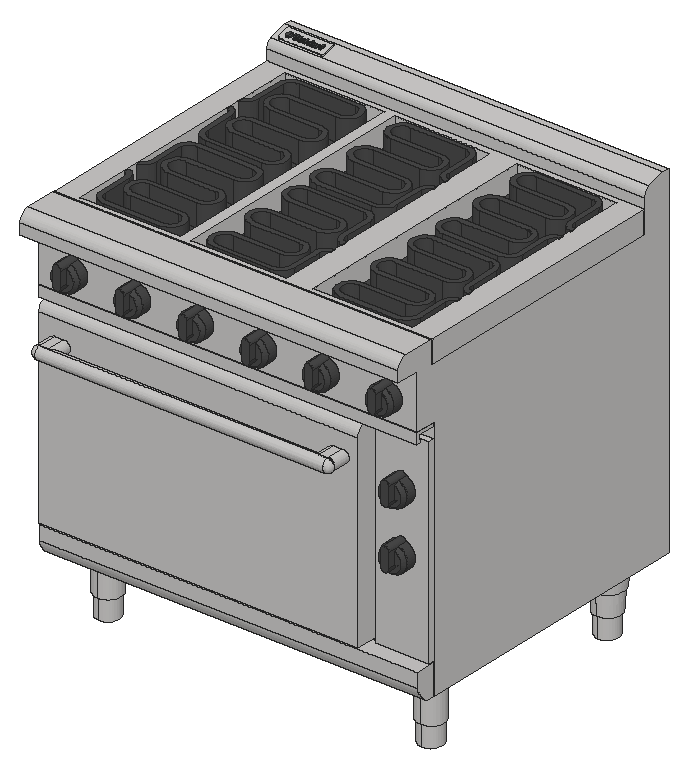
Revit family "QF_MOFFAT WALDORF_RNL8610EC", category Specialty Equipment, Revit 2012 (continued)
Automatic sketch dimensions
  curve 96 to curve 98 = 7 mm
  plane 17 to curve 100 = 9.738 mm
  curve 98 to curve 100 = 20 mm
  curve 111 to curve 111 = 25.191 mm
  curve 99 to curve 102 = 7 mm
  curve 126 to plane 16 = 74.5 mm
  curve 102 to curve 103 = 20 mm
  curve 202 to plane 16 = 57.363 mm
  curve 218 to plane 16 = 57.363 mm
  plane 12 to curve 205 = 14.572 mm
  curve 205 to plane 16 = 57.363 mm
  curve 223 to plane 16 = 57.363 mm
  curve 197 to plane 16 = 37.344 mm
  curve 208 to plane 16 = 37.344 mm
  curve 215 to curve 208 = 0 mm
  curve 225 to plane 16 = 37.344 mm
  plane 13 to curve 209 = 18.176 mm
  curve 209 to curve 209 = 0.98 mm
  curve 197 to curve 197 = 0.98 mm
  curve 214 to curve 214 = 0.98 mm
  curve 225 to curve 226 = 0.98 mm
  curve 213 to plane 16 = 10.663 mm
  curve 209 to plane 16 = 10.663 mm
  curve 197 to plane 16 = 10.663 mm
  curve 228 to plane 16 = 10.663 mm
  plane 16 to curve 113 = 11.5 mm
  plane 16 to curve 212 = 16.122 mm
  plane 16 to curve 195 = 16.122 mm
  plane 16 to curve 211 = 16.304 mm
  curve 228 to plane 10 = 7.944 mm
  plane 16 to curve 228 = 16.304 mm
  curve 124 to curve 110 = 399.303 mm
  curve 109 to curve 106 = 76.143 mm
  curve 106 to curve 107 = 3.3 mm
  curve 112 to plane 5 "FRONT" = 111.585 mm
  curve 107 to curve 122 = 12.285 mm
  curve 117 to curve 112 = 0 mm
  curve 112 to curve 225 = 15.915 mm
  curve 117 to curve 192 = 15.915 mm
  curve 121 to curve 158 = 15.915 mm
  curve 225 to curve 226 = 24.666 mm
  curve 157 to curve 159 = 24.666 mm
  curve 191 to curve 193 = 24.666 mm
  curve 225 to curve 224 = 26.7 mm
  curve 157 to curve 156 = 26.7 mm
  curve 191 to curve 190 = 26.7 mm
  curve 222 to plane 10 = 21.128 mm
  curve 188 to plane 10 = 21.128 mm
  curve 160 to plane 10 = 7.944 mm
  curve 194 to plane 10 = 7.363 mm
  curve 228 to plane 10 = 7.363 mm
  curve 160 to plane 10 = 7.363 mm
  curve 187 to curve 186 = 26.7 mm
  curve 153 to curve 152 = 26.7 mm
  curve 160 to curve 144 = 31.439 mm
  curve 228 to curve 212 = 31.443 mm
  curve 194 to curve 178 = 31.443 mm
  curve 178 to curve 179 = 25.867 mm
  curve 212 to curve 212 = 25.867 mm
  curve 144 to curve 144 = 25.867 mm
  curve 184 to curve 184 = 28.7 mm
  curve 219 to curve 218 = 28.7 mm
  curve 150 to curve 150 = 28.7 mm
  curve 214 to curve 214 = 25.704 mm
  curve 180 to curve 180 = 25.704 mm
  plane 13 to curve 141 = 17.138 mm
  curve 208 to curve 207 = 26.7 mm
  plane 12 to curve 171 = 14.572 mm
  plane 12 to curve 211 = 27.756 mm
  plane 12 to curve 143 = 27.756 mm
  curve 177 to curve 177 = 0.581 mm
  curve 143 to curve 142 = 0.581 mm
  curve 211 to curve 210 = 0.581 mm
  curve 203 to curve 203 = 26.7 mm
  curve 135 to curve 135 = 26.7 mm
  curve 169 to curve 169 = 26.7 mm
  curve 143 to curve 127 = 31.439 mm
  curve 177 to curve 161 = 31.443 mm
  curve 211 to curve 195 = 31.443 mm
  curve 195 to curve 196 = 25.867 mm
  curve 161 to curve 161 = 25.867 mm
  curve 127 to curve 127 = 25.867 mm
  curve 167 to curve 167 = 28.7 mm
  curve 202 to curve 201 = 28.7 mm
  curve 133 to curve 133 = 28.7 mm
  curve 200 to curve 199 = 26.7 mm
  curve 165 to curve 165 = 26.7 mm
  curve 131 to curve 131 = 26.7 mm
  curve 129 to curve 129 = 25.704 mm
  curve 197 to curve 197 = 25.704 mm
  curve 163 to curve 164 = 25.704 mm
  curve 165 to curve 116 = 12.216 mm
  curve 196 to curve 115 = 36.882 mm
  curve 123 to curve 116 = 0 mm
  curve 108 to curve 5 = 21.5 mm
  curve 108 to curve 4 = 2.734 mm
  curve 47 to plane 17 = 18.526 mm
  curve 88 to plane 17 = 18.526 mm
  curve 104 to plane 17 = 18.526 mm
  curve 7 to curve 9 = 0.709 mm
  curve 84 to curve 86 = 0 mm
  curve 10 to curve 13 = 0 mm
  curve 80 to curve 82 = 0 mm
  curve 14 to curve 17 = 0 mm
  curve 76 to curve 78 = 0 mm
  curve 18 to curve 21 = 0 mm
  curve 87 to curve 90 = 0 mm
  curve 22 to curve 26 = 0 mm
  curve 91 to curve 94 = 0 mm
  curve 27 to curve 30 = 0 mm
  curve 72 to curve 74 = 0 mm
  curve 31 to curve 34 = 0 mm
  curve 68 to curve 70 = 0 mm
  curve 64 to curve 66 = 0 mm
  curve 100 to curve 102 = 0 mm  (x2)
  curve 60 to curve 62 = 0 mm  (x2)
  curve 35 to curve 38 = 0 mm
  curve 56 to curve 58 = 0 mm
  curve 39 to curve 42 = 0 mm
  curve 52 to curve 54 = 0 mm  (x2)
  curve 40 to curve 45 = 0 mm
  plane 17 to curve 37 = 9.738 mm
  curve 28 to curve 33 = 0 mm
  curve 84 to curve 89 = 0 mm
  plane 17 to curve 20 = 9.738 mm
  curve 11 to curve 16 = 0 mm
  plane 17 to curve 6 = 11.042 mm
  Extrusion 1 sketch curve to plane 5 "FRONT" = 0 mm
  Extrusion 1 sketch curve to plane 6 "TOP" = 0 mm
  Extrusion 1 sketch curve to plane 1 "BACK" = 0 mm
  Extrusion 1 sketch curve to plane 5 "FRONT" = 24 mm
  Extrusion 1 sketch curve to plane 5 "FRONT" = 56 mm
  Extrusion 1 sketch curve to Extrusion 1 sketch curve = 0 mm
  Extrusion 1 sketch curve to plane 5 "FRONT" = 58.27 mm
  Extrusion 1 sketch curve to Extrusion 1 sketch curve = 6.387 mm
  Extrusion 1 sketch curve to Extrusion 1 sketch curve = 8.776 mm
  Extrusion 1 sketch curve to Extrusion 1 sketch curve = 40 mm
  Extrusion 1 sketch curve to Extrusion 1 sketch curve = 43.174 mm
  Extrusion 1 sketch curve to Extrusion 1 sketch curve = 2.626 mm
  Extrusion 1 sketch curve to Extrusion 1 sketch curve = 41.683 mm
  Extrusion 1 sketch curve to Extrusion 1 sketch curve = 4.2 mm  (x2)
  Extrusion 1 sketch curve to plane 17 = 38 mm
  Extrusion 1 sketch curve to plane 6 "TOP" = 11.31 mm
  Extrusion 1 sketch curve to Extrusion 1 sketch curve = 11.291 mm
  Extrusion 1 sketch curve to plane 17 = 15.418 mm
  plane 17 to Extrusion 1 sketch curve = 15.5 mm
  plane 18 to Extrusion 1 sketch curve = 81.219 mm
  Extrusion 1 sketch curve to Extrusion 1 sketch curve = 2.216 mm
  Extrusion 1 sketch curve to Extrusion 1 sketch curve = 7.004 mm
  Extrusion 1 sketch curve to Extrusion 1 sketch curve = 16.999 mm
  level to Extrusion 1 sketch curve = 222.5 mm
  Extrusion 1 sketch curve to Extrusion 1 sketch curve = 28.982 mm
  Extrusion 1 sketch curve to Extrusion 1 sketch curve = 34.5 mm
  Extrusion 1 sketch curve to Extrusion 1 sketch curve = 0.071 mm
  Extrusion 1 to Split face 1 sketch curve = 1.962 mm
  Split face 1 sketch curve to Extrusion 1 = 14.14 mm
  Split face 1 sketch curve to Extrusion 1 = 129.583 mm
  Split face 1 sketch curve to Split face 1 sketch curve = 20 mm
  Extrusion 1 to Split face 2 sketch curve = 1.962 mm
  Split face 2 sketch curve to Extrusion 1 = 14.14 mm
  Split face 2 sketch curve to Extrusion 1 = 156.5 mm
  Split face 2 sketch curve to Split face 2 sketch curve = 20 mm
  Extrusion 1 to Split face 3 sketch curve = 1.962 mm
  Split face 3 sketch curve to Extrusion 1 = 14.14 mm
  Split face 3 sketch curve to Extrusion 1 = 183.5 mm
  Split face 3 sketch curve to Split face 3 sketch curve = 20 mm
  Extrusion 1 to Split face 4 sketch curve = 1.962 mm
  Split face 4 sketch curve to Extrusion 1 = 14.14 mm
  Split face 4 sketch curve to Extrusion 1 = 210.5 mm
  Split face 4 sketch curve to Split face 4 sketch curve = 20 mm
  Extrusion 1 to Split face 5 sketch curve = 1.962 mm
  Split face 5 sketch curve to Extrusion 1 = 14.14 mm
  Split face 5 sketch curve to Extrusion 1 = 237.5 mm
  Split face 5 sketch curve to Split face 5 sketch curve = 20 mm
  Extrusion 1 to Split face 6 sketch curve = 1.962 mm
  Split face 6 sketch curve to Extrusion 1 = 14.14 mm
  Split face 6 sketch curve to Extrusion 1 = 264.5 mm
  Split face 6 sketch curve to Split face 6 sketch curve = 20 mm
  Extrusion 1 to Split face 7 sketch curve = 1.962 mm
  Split face 7 sketch curve to Extrusion 1 = 14.14 mm
  Split face 7 sketch curve to Extrusion 1 = 291.5 mm
  Split face 7 sketch curve to Split face 7 sketch curve = 20 mm
  Extrusion 1 to Split face 8 sketch curve = 1.962 mm
  Split face 8 sketch curve to Extrusion 1 = 14.14 mm
  Split face 8 sketch curve to Extrusion 1 = 281.5 mm
  Split face 8 sketch curve to Split face 8 sketch curve = 20 mm
  Extrusion 1 to Split face 9 sketch curve = 1.962 mm
  Split face 9 sketch curve to Extrusion 1 = 14.14 mm
  Split face 9 sketch curve to Extrusion 1 = 254.5 mm
  Split face 9 sketch curve to Split face 9 sketch curve = 20 mm
  Extrusion 1 to Split face 10 sketch curve = 1.962 mm
  Split face 10 sketch curve to Extrusion 1 = 14.14 mm
  Split face 10 sketch curve to Extrusion 1 = 227.5 mm
  Split face 10 sketch curve to Split face 10 sketch curve = 20 mm
  Extrusion 1 to Split face 11 sketch curve = 1.962 mm
  Split face 11 sketch curve to Extrusion 1 = 14.14 mm
  Split face 11 sketch curve to Extrusion 1 = 200.5 mm
  Split face 11 sketch curve to Split face 11 sketch curve = 20 mm
  Extrusion 1 to Split face 12 sketch curve = 1.962 mm
  Split face 12 sketch curve to Extrusion 1 = 14.14 mm
  Split face 12 sketch curve to Extrusion 1 = 173.5 mm
  Split face 12 sketch curve to Split face 12 sketch curve = 20 mm
  Extrusion 1 to Split face 13 sketch curve = 1.962 mm
  Split face 13 sketch curve to Extrusion 1 = 14.14 mm
  Split face 13 sketch curve to Extrusion 1 = 146.5 mm
  Split face 13 sketch curve to Split face 13 sketch curve = 20 mm
  plane 18 to Extrusion 2 sketch curve = 21 mm
  Extrusion 2 sketch curve to plane 5 "FRONT" = 56 mm
  Extrusion 2 sketch curve to Extrusion 2 sketch curve = 24 mm
  Extrusion 2 sketch curve to Extrusion 2 sketch curve = 50 mm
  level to Extrusion 2 sketch curve = 227.5 mm
  Extrusion 3 sketch curve to Extrusion 3 sketch curve = 15 mm
  level to Extrusion 3 sketch curve = 227.5 mm
  Extrusion 1 to Split face 14 sketch curve = 1.962 mm
  Split face 14 sketch curve to Extrusion 1 = 14.14 mm
  Split face 14 sketch curve to Extrusion 1 = 320.812 mm
  Split face 14 sketch curve to Split face 14 sketch curve = 20 mm
  Extrusion 1 to Split face 15 sketch curve = 1.962 mm
  Split face 15 sketch curve to Extrusion 1 = 14.14 mm
  Split face 15 sketch curve to Extrusion 1 = 350.039 mm
  Split face 15 sketch curve to Split face 15 sketch curve = 20 mm
  Extrusion 1 to Split face 16 sketch curve = 1.962 mm
  Split face 16 sketch curve to Extrusion 1 = 14.14 mm
  Split face 16 sketch curve to Extrusion 1 = 377.038 mm
  Split face 16 sketch curve to Split face 16 sketch curve = 20 mm
  Extrusion 1 to Split face 17 sketch curve = 1.962 mm
  Split face 17 sketch curve to Extrusion 1 = 14.14 mm
  Split face 17 sketch curve to Extrusion 1 = 402.514 mm
  Split face 17 sketch curve to Split face 17 sketch curve = 20 mm
  Extrusion 1 to Split face 18 sketch curve = 1.962 mm
  Split face 18 sketch curve to Extrusion 1 = 14.14 mm
  Split face 18 sketch curve to Extrusion 1 = 428.962 mm
  Split face 18 sketch curve to Split face 18 sketch curve = 20 mm
  Extrusion 1 to Split face 19 sketch curve = 1.962 mm
  Split face 19 sketch curve to Extrusion 1 = 14.14 mm
  Split face 19 sketch curve to Extrusion 1 = 444.954 mm
  Split face 19 sketch curve to Split face 19 sketch curve = 20 mm
  Extrusion 1 to Split face 20 sketch curve = 1.962 mm
  Split face 20 sketch curve to Extrusion 1 = 14.14 mm
  Split face 20 sketch curve to Extrusion 1 = 419.057 mm
  Split face 20 sketch curve to Split face 20 sketch curve = 20 mm
  Extrusion 1 to Split face 21 sketch curve = 1.962 mm
  Split face 21 sketch curve to Extrusion 1 = 14.14 mm
  Split face 21 sketch curve to Extrusion 1 = 392.609 mm
  Split face 21 sketch curve to Split face 21 sketch curve = 20 mm
  Extrusion 1 to Split face 22 sketch curve = 1.962 mm
  Split face 22 sketch curve to Extrusion 1 = 14.14 mm
  Split face 22 sketch curve to Extrusion 1 = 362.304 mm
  Split face 22 sketch curve to Split face 22 sketch curve = 20 mm
  Extrusion 1 to Split face 23 sketch curve = 1.962 mm
  Split face 23 sketch curve to Extrusion 1 = 14.14 mm
  Split face 23 sketch curve to Extrusion 1 = 334.203 mm
  Split face 23 sketch curve to Split face 23 sketch curve = 20 mm
  Extrusion 1 to Split face 24 sketch curve = 1.962 mm
  Split face 24 sketch curve to Extrusion 1 = 14.14 mm
  Split face 24 sketch curve to Extrusion 1 = 308.857 mm
  Split face 24 sketch curve to Split face 24 sketch curve = 20 mm
  Revolve 4 sketch curve to level = 0 mm
  Revolve 4 sketch curve to plane 17 = 110.753 mm
  Revolve 4 sketch curve to Revolve 4 sketch curve = 4.159 mm
  Revolve 4 sketch curve to Revolve 4 sketch curve = 5.012 mm
  Revolve 4 sketch curve to Revolve 4 sketch curve = 1.832 mm
  Revolve 4 sketch curve to Revolve 4 sketch curve = 4.25 mm
  Revolve 4 sketch curve to Revolve 4 sketch curve = 42.753 mm
  Revolve 4 sketch curve to Revolve 4 sketch curve = 0 mm  (x2)
  level to Revolve 4 sketch curve = 50 mm
  Revolve 4 sketch curve to Revolve 4 sketch curve = 52.468 mm
  Revolve 4 sketch curve to Revolve 4 sketch curve = 47.532 mm
  Revolve 4 sketch curve to Revolve 4 sketch curve = 55 mm
  Revolve 5 sketch curve to level = 0 mm
  Revolve 5 sketch curve to plane 10 = 82.478 mm
  Revolve 5 sketch curve to Revolve 5 sketch curve = 4.25 mm
  Revolve 5 sketch curve to Revolve 5 sketch curve = 27.5 mm  (x2)
  level to Revolve 5 sketch curve = 50 mm
  Revolve 5 sketch curve to Revolve 5 sketch curve = 0 mm
  Revolve 5 sketch curve to Revolve 5 sketch curve = 100 mm
  Revolve 5 sketch curve to Revolve 5 sketch curve = 55 mm
  Revolve 6 sketch curve to level = 0 mm
  Revolve 6 sketch curve to plane 17 = 110.753 mm
  Revolve 6 sketch curve to Revolve 6 sketch curve = 0 mm  (x3)
  Revolve 6 sketch curve to Revolve 6 sketch curve = 4.159 mm
  Revolve 6 sketch curve to Revolve 6 sketch curve = 5.012 mm
  Revolve 6 sketch curve to Revolve 6 sketch curve = 1.832 mm
  Revolve 6 sketch curve to Revolve 6 sketch curve = 4.25 mm
  Revolve 6 sketch curve to Revolve 6 sketch curve = 42.753 mm
  Revolve 6 sketch curve to level = 55 mm
  Revolve 6 sketch curve to Revolve 6 sketch curve = 50 mm
  Revolve 6 sketch curve to Revolve 6 sketch curve = 52.468 mm
  Revolve 6 sketch curve to Revolve 6 sketch curve = 47.532 mm
  Revolve 7 sketch curve to level = 0 mm
  Revolve 7 sketch curve to plane 10 = 82.478 mm
  Revolve 7 sketch curve to Revolve 7 sketch curve = 4.25 mm
  Revolve 7 sketch curve to Revolve 7 sketch curve = 27.5 mm  (x2)
  Revolve 7 sketch curve to level = 55 mm
  Revolve 7 sketch curve to Revolve 7 sketch curve = 50 mm
  Revolve 7 sketch curve to Revolve 7 sketch curve = 0 mm
  Revolve 7 sketch curve to Revolve 7 sketch curve = 100 mm
  Extrusion 8 sketch curve to plane 4 "RIGHT" = 0 mm
  plane 3 "LEFT" to Extrusion 8 sketch curve = 4 mm
  Extrusion 8 sketch curve to plane 17 = 39 mm
  Extrusion 8 sketch curve to Extrusion 8 sketch curve = 3 mm  (x2)
  plane 16 to Extrusion 8 sketch curve = 11.5 mm
  Extrusion 8 sketch curve to Extrusion 8 sketch curve = 11.284 mm
  plane 9 to Extrusion 8 sketch curve = 13.3 mm
  Extrusion 8 sketch curve to plane 17 = 53.284 mm
  Extrusion 8 sketch curve to Extrusion 8 sketch curve = 0 mm  (x2)
  Extrusion 8 sketch curve to plane 11 = 6 mm
  Extrusion 8 sketch curve to plane 5 "FRONT" = 111.585 mm  (x2)
  Extrusion 8 sketch curve to Extrusion 8 sketch curve = 7.585 mm  (x2)
  Extrusion 8 sketch curve to Extrusion 8 sketch curve = 23.4 mm
  plane 7 "Center Y" to Extrusion 8 sketch curve = 96 mm
  Extrusion 8 sketch curve to Extrusion 8 sketch curve = 60.7 mm
  Revolve 9 sketch curve to plane 5 "FRONT" = 12 mm
  Revolve 9 sketch curve to Revolve 9 sketch curve = 0 mm  (x2)
  Revolve 9 sketch curve to Revolve 9 sketch curve = 11 mm
  Revolve 9 sketch curve to Revolve 9 sketch curve = 12.7 mm
  Revolve 9 sketch curve to Revolve 9 sketch curve = 23 mm
  Revolve 9 sketch curve to Revolve 9 sketch curve = 10 mm
  plane 18 to Revolve 9 sketch curve = 141.882 mm
  Revolve 9 sketch curve to Revolve 9 sketch curve = 5 mm
  Revolve 9 sketch curve to Revolve 9 sketch curve = 26.651 mm
  Revolve 9 sketch curve to Revolve 9 sketch curve = 5.849 mm
  Revolve 10 sketch curve to plane 5 "FRONT" = 12 mm
  Revolve 10 sketch curve to Revolve 10 sketch curve = 0 mm  (x2)
  Revolve 10 sketch curve to Revolve 10 sketch curve = 11 mm
  Revolve 10 sketch curve to Revolve 10 sketch curve = 12.7 mm
  Revolve 10 sketch curve to Revolve 10 sketch curve = 23 mm
  Revolve 10 sketch curve to Revolve 10 sketch curve = 10 mm
  plane 18 to Revolve 10 sketch curve = 141.882 mm
  Revolve 10 sketch curve to Revolve 10 sketch curve = 5 mm
  Revolve 10 sketch curve to Revolve 10 sketch curve = 26.651 mm
  Revolve 10 sketch curve to Revolve 10 sketch curve = 5.849 mm
  Revolve 11 sketch curve to plane 5 "FRONT" = 12 mm
  Revolve 11 sketch curve to Revolve 11 sketch curve = 0 mm  (x2)
  Revolve 11 sketch curve to Revolve 11 sketch curve = 11 mm
  Revolve 11 sketch curve to Revolve 11 sketch curve = 12.7 mm
  Revolve 11 sketch curve to Revolve 11 sketch curve = 23 mm
  Revolve 11 sketch curve to Revolve 11 sketch curve = 10 mm
  Revolve 11 sketch curve to plane 6 "TOP" = 140.618 mm
  Revolve 11 sketch curve to Revolve 11 sketch curve = 5.849 mm
  Revolve 11 sketch curve to Revolve 11 sketch curve = 27.5 mm
  Revolve 11 sketch curve to Revolve 11 sketch curve = 5 mm
  Revolve 12 sketch curve to plane 5 "FRONT" = 12 mm
  Revolve 12 sketch curve to Revolve 12 sketch curve = 0 mm  (x2)
  Revolve 12 sketch curve to Revolve 12 sketch curve = 11 mm
  Revolve 12 sketch curve to Revolve 12 sketch curve = 12.7 mm
  Revolve 12 sketch curve to Revolve 12 sketch curve = 23 mm
  Revolve 12 sketch curve to Revolve 12 sketch curve = 10 mm
  Revolve 12 sketch curve to plane 6 "TOP" = 140.618 mm
  Revolve 12 sketch curve to Revolve 12 sketch curve = 5.849 mm
  Revolve 12 sketch curve to Revolve 12 sketch curve = 27.5 mm
  Revolve 12 sketch curve to Revolve 12 sketch curve = 5 mm
  Revolve 13 sketch curve to plane 5 "FRONT" = 12 mm
  Revolve 13 sketch curve to Revolve 13 sketch curve = 0 mm  (x2)
  Revolve 13 sketch curve to Revolve 13 sketch curve = 11 mm
  Revolve 13 sketch curve to Revolve 13 sketch curve = 12.7 mm
  Revolve 13 sketch curve to Revolve 13 sketch curve = 23 mm
  Revolve 13 sketch curve to Revolve 13 sketch curve = 10 mm
  Revolve 13 sketch curve to plane 6 "TOP" = 140.618 mm
  Revolve 13 sketch curve to Revolve 13 sketch curve = 5.849 mm
  Revolve 13 sketch curve to Revolve 13 sketch curve = 27.5 mm
  Revolve 13 sketch curve to Revolve 13 sketch curve = 5 mm
  Revolve 14 sketch curve to plane 5 "FRONT" = 12 mm
  Revolve 14 sketch curve to Revolve 14 sketch curve = 0 mm  (x2)
  Revolve 14 sketch curve to Revolve 14 sketch curve = 11 mm
  Revolve 14 sketch curve to Revolve 14 sketch curve = 12.7 mm
  Revolve 14 sketch curve to Revolve 14 sketch curve = 23 mm
  Revolve 14 sketch curve to Revolve 14 sketch curve = 10 mm
  Revolve 14 sketch curve to plane 6 "TOP" = 140.618 mm
  Revolve 14 sketch curve to Revolve 14 sketch curve = 5.849 mm
  Revolve 14 sketch curve to Revolve 14 sketch curve = 27.5 mm
  Revolve 14 sketch curve to Revolve 14 sketch curve = 5 mm
  plane 14 to Extrusion 15 sketch curve = 26.156 mm
  Extrusion 15 sketch curve to Extrusion 15 sketch curve = 10 mm
  Extrusion 15 sketch curve to plane 6 "TOP" = 146.118 mm
  Extrusion 15 sketch curve to Extrusion 15 sketch curve = 35 mm
  Extrusion 16 sketch curve to plane 9 = 29.844 mm
  Extrusion 16 sketch curve to Extrusion 16 sketch curve = 10 mm
  Extrusion 16 sketch curve to plane 6 "TOP" = 146.118 mm
  Extrusion 16 sketch curve to Extrusion 16 sketch curve = 35 mm
  Extrusion 17 sketch curve to plane 16 = 4.656 mm
  plane 16 to Extrusion 17 sketch curve = 5.344 mm
  plane 18 to Extrusion 17 sketch curve = 133.882 mm
  Extrusion 17 sketch curve to Extrusion 17 sketch curve = 35 mm
  Extrusion 18 sketch curve to plane 16 = 154.656 mm
  Extrusion 18 sketch curve to Extrusion 18 sketch curve = 10 mm
  plane 18 to Extrusion 18 sketch curve = 133.882 mm
  Extrusion 18 sketch curve to Extrusion 18 sketch curve = 35 mm
  Extrusion 19 sketch curve to plane 7 "Center Y" = 49.868 mm
  Extrusion 19 sketch curve to Extrusion 19 sketch curve = 10 mm
  Extrusion 19 sketch curve to plane 6 "TOP" = 146.118 mm
  Extrusion 19 sketch curve to Extrusion 19 sketch curve = 35 mm
  plane 7 "Center Y" to Extrusion 20 sketch curve = 100.132 mm
  Extrusion 20 sketch curve to Extrusion 20 sketch curve = 10 mm
  Extrusion 20 sketch curve to plane 6 "TOP" = 146.118 mm
  Extrusion 20 sketch curve to Extrusion 20 sketch curve = 35 mm
  Revolve 21 sketch curve to plane 5 "FRONT" = 54.621 mm
  Revolve 21 sketch curve to Revolve 21 sketch curve = 0 mm  (x2)
  Revolve 21 sketch curve to Revolve 21 sketch curve = 11 mm
  Revolve 21 sketch curve to Revolve 21 sketch curve = 12.7 mm
  Revolve 21 sketch curve to Revolve 21 sketch curve = 23 mm
  Revolve 21 sketch curve to Revolve 21 sketch curve = 10 mm
  Revolve 21 sketch curve to plane 18 = 74.368 mm
  Revolve 21 sketch curve to Revolve 21 sketch curve = 5 mm
  Revolve 21 sketch curve to Revolve 21 sketch curve = 26.651 mm
  Revolve 21 sketch curve to Revolve 21 sketch curve = 5.849 mm
  Extrusion 22 sketch curve to plane 16 = 7.156 mm
  plane 16 to Extrusion 22 sketch curve = 2.844 mm
  Extrusion 22 sketch curve to plane 18 = 82.368 mm
  Extrusion 22 sketch curve to Extrusion 22 sketch curve = 35 mm
  Extrusion 23 sketch curve to Extrusion 1 = 80 mm
  Extrusion 23 sketch curve to Extrusion 1 = 230.73 mm
  Extrusion 24 sketch curve to plane 5 "FRONT" = 56 mm
  level to Extrusion 24 sketch curve = 227.5 mm
  plane 5 "FRONT" to Extrusion 24 sketch curve = 413.847 mm
  Extrusion 25 sketch curve to Extrusion 25 sketch curve = 0 mm  (x98)
  Extrusion 25 sketch curve to plane 17 = 58.503 mm  (x3)
  Extrusion 25 sketch curve to Extrusion 25 sketch curve = 11.997 mm  (x3)
  Extrusion 25 sketch curve to Extrusion 25 sketch curve = 19.532 mm  (x3)
  Extrusion 25 sketch curve to plane 14 = 5.707 mm  (x2)
  Extrusion 25 sketch curve to plane 16 = 2.793 mm  (x2)
  plane 14 to Extrusion 25 sketch curve = 6.3 mm  (x4)
  Extrusion 25 sketch curve to Extrusion 25 sketch curve = 0.24 mm  (x6)
  Extrusion 25 sketch curve to Extrusion 25 sketch curve = 0.931 mm  (x6)
  Extrusion 25 sketch curve to Extrusion 25 sketch curve = 0.01 mm  (x6)
  Extrusion 25 sketch curve to Extrusion 25 sketch curve = 21.7 mm  (x21)
  Extrusion 25 sketch curve to Extrusion 25 sketch curve = 0.002 mm  (x6)
  plane 16 to Extrusion 25 sketch curve = 16.984 mm
  Extrusion 25 sketch curve to Extrusion 25 sketch curve = 70.811 mm  (x6)
  Extrusion 25 sketch curve to plane 11 = 11.488 mm  (x2)
  Extrusion 25 sketch curve to Extrusion 25 sketch curve = 0.447 mm  (x6)
  Extrusion 25 sketch curve to Extrusion 25 sketch curve = 0.12 mm  (x6)
  Extrusion 25 sketch curve to plane 11 = 6 mm  (x4)
  plane 16 to Extrusion 25 sketch curve = 11.5 mm  (x3)
  Extrusion 25 sketch curve to Extrusion 25 sketch curve = 19.01 mm  (x3)
  Extrusion 25 sketch curve to Extrusion 25 sketch curve = 12.303 mm  (x6)
  Extrusion 25 sketch curve to Extrusion 25 sketch curve = 21.593 mm  (x6)
  Extrusion 25 sketch curve to Extrusion 25 sketch curve = 12.315 mm  (x4)
  plane 12 to Extrusion 25 sketch curve = 28.389 mm  (x3)
  Extrusion 25 sketch curve to plane 16 = 14.8 mm
  Extrusion 25 sketch curve to plane 16 = 2.8 mm  (x2)
  Extrusion 25 sketch curve to Extrusion 25 sketch curve = 0.133 mm  (x3)
  Extrusion 25 sketch curve to Extrusion 25 sketch curve = 0.5 mm
  Extrusion 25 sketch curve to plane 11 = 11.667 mm
  plane 12 to Extrusion 25 sketch curve = 14.572 mm  (x3)
  plane 13 to Extrusion 25 sketch curve = 19.172 mm  (x3)
  plane 13 to Extrusion 25 sketch curve = 18.176 mm  (x3)
  plane 13 to Extrusion 25 sketch curve = 17.245 mm  (x3)
  Extrusion 25 sketch curve to Extrusion 25 sketch curve = 0.239 mm  (x6)
  plane 8 "Center X" to Extrusion 25 sketch curve = 6.997 mm  (x3)
  Extrusion 25 sketch curve to plane 8 "Center X" = 5 mm  (x3)
  Extrusion 25 sketch curve to plane 8 "Center X" = 24.532 mm  (x3)
  Extrusion 25 sketch curve to Extrusion 25 sketch curve = 20.704 mm  (x6)
  plane 16 to Extrusion 25 sketch curve = 16.988 mm
  plane 10 to Extrusion 25 sketch curve = 11.208 mm  (x2)
  Extrusion 25 sketch curve to plane 10 = 7.311 mm  (x3)
  Extrusion 25 sketch curve to plane 10 = 7.444 mm  (x3)
  Extrusion 25 sketch curve to plane 10 = 7.944 mm  (x3)
  Extrusion 25 sketch curve to plane 10 = 21.128 mm  (x3)
  Extrusion 25 sketch curve to Extrusion 25 sketch curve = 20.701 mm  (x4)
  Extrusion 25 sketch curve to Extrusion 25 sketch curve = 0.001 mm  (x5)
  Extrusion 25 sketch curve to Extrusion 25 sketch curve = 41.7 mm  (x3)
  Extrusion 25 sketch curve to Extrusion 25 sketch curve = 20.999 mm
  Extrusion 25 sketch curve to plane 9 = 45.4 mm  (x3)
  Extrusion 25 sketch curve to plane 7 "Center Y" = 84.6 mm  (x2)
  plane 7 "Center Y" to Extrusion 25 sketch curve = 28 mm  (x4)
  plane 7 "Center Y" to Extrusion 25 sketch curve = 47.862 mm  (x2)
  Extrusion 25 sketch curve to Extrusion 25 sketch curve = 0.032 mm  (x2)
  plane 7 "Center Y" to Extrusion 25 sketch curve = 47.894 mm
  Extrusion 25 sketch curve to Extrusion 25 sketch curve = 0.226 mm  (x3)
  Extrusion 25 sketch curve to Extrusion 25 sketch curve = 0.258 mm  (x4)
  Extrusion 25 sketch curve to Extrusion 25 sketch curve = 0.879 mm  (x4)
  Extrusion 25 sketch curve to Extrusion 25 sketch curve = 14.293 mm
  Extrusion 25 sketch curve to Extrusion 25 sketch curve = 133.7 mm
  Extrusion 25 sketch curve to Extrusion 25 sketch curve = 133.693 mm  (x2)
  Extrusion 25 sketch curve to plane 16 = 56.5 mm
  Extrusion 25 sketch curve to plane 16 = 36.638 mm  (x2)
  Extrusion 25 sketch curve to plane 16 = 36.606 mm
  Revolve 26 sketch curve to plane 5 "FRONT" = 54.621 mm
  Revolve 26 sketch curve to Revolve 26 sketch curve = 0 mm  (x2)
  Revolve 26 sketch curve to Revolve 26 sketch curve = 11 mm
  Revolve 26 sketch curve to Revolve 26 sketch curve = 12.7 mm
  Revolve 26 sketch curve to Revolve 26 sketch curve = 23 mm
  Revolve 26 sketch curve to Revolve 26 sketch curve = 10 mm
  Revolve 26 sketch curve to plane 18 = 214.368 mm
  Revolve 26 sketch curve to Revolve 26 sketch curve = 5 mm
  Revolve 26 sketch curve to Revolve 26 sketch curve = 26.651 mm
  Revolve 26 sketch curve to Revolve 26 sketch curve = 5.849 mm
  Extrusion 27 sketch curve to plane 16 = 7.156 mm
  plane 16 to Extrusion 27 sketch curve = 2.844 mm
  Extrusion 27 sketch curve to plane 18 = 222.368 mm
  Extrusion 27 sketch curve to Extrusion 27 sketch curve = 35 mm
  Extrusion 3 sketch curve to plane 5 "FRONT" = 91 mm
  plane 18 to Extrusion 3 sketch curve = 45 mm
  Extrusion 28 sketch curve to plane 11 = 1.472 mm
  Extrusion 28 sketch curve to plane 18 = 46.875 mm  (x2)
  Extrusion 28 sketch curve to Extrusion 28 sketch curve = 15 mm  (x2)
  Extrusion 28 sketch curve to plane 16 = 131.743 mm
  Extrusion 28 sketch curve to Extrusion 28 sketch curve = 20.282 mm  (x2)
  Revolve 29 sketch curve to plane 3 "LEFT" = 6.961 mm
  plane 3 "LEFT" to Revolve 29 sketch curve = 23.246 mm
  Revolve 29 sketch curve to plane 18 = 16.875 mm
  Revolve 29 sketch curve to Revolve 29 sketch curve = 15 mm
  Revolve 29 sketch curve to plane 18 = 31.875 mm
  plane 7 "Center Y" to Revolve 29 sketch curve = 138.039 mm
  Revolve 29 sketch curve to plane 16 = 111.461 mm
  radius of Extrusion 23 sketch curve = 10 mm
Nested families
  nested 1: "WALDORF LOGO_FACE BASE" at (12.5, -21.836, 968.57) x (1, 0, 0) z (0, -0.2588, 0.9659), visible <- "Show Logo", type "WALDORF LOGO_FACE BASE", detail levels medium+fine
    with Show Logo yes
Connectors
  electrical at (820, -466, 145), driven by "Volts", driven by "Watts"
    settings: on Extrusion 23, index 5, voltage 415 V, apparent load 21000 VA, apparent load phase1 0 VA, apparent load phase2 0 VA, apparent load phase3 0 VA, power factor 1, load classification "Other", number of poles 1, system type 30, power factor state 1, is connector primary yes, connector utility no, sub classification motor no, connector description "ELECTRICAL CONNECTION"
Definition of nested family "WALDORF LOGO_FACE BASE"
  Parameters (values of type "WALDORF LOGO_FACE BASE")
    Show Logo [instance] = yes
    Default Elevation = 1219.2 mm
  Reference planes
    plane 1 "Center (Front/Back)": y = 0
    plane 2: z = 0
    plane 3 "Center (Left/Right)": x = 0
  Forms (mm)
    Extrusion 1, solid
      sketch origin (0, 0, 0) x (1, 0, 0) y (0, 1, 0)
        loop
          line (-1219.2, 1219.2) -> (-1219.2, -1219.2) -> (1219.2, -1219.2) -> (1219.2, 1219.2) -> (-1219.2, 1219.2)
      from 0 to -304.8
    Extrusion 2, solid, material "QF_Finishes_Stainless Steel", visible <- "Show Logo"
      sketch origin (0, -33.217, 0) x (1, 0, 0) y (0, 1, 0)
        loop
          arc (5, 34.14) -> (1.464, 32.676) -> (0, 29.14) r 5
          line (0, 29.14) -> (0, 5)
          arc (0, 5) -> (1.464, 1.464) -> (5, 0) r 5
          line (5, 0) -> (104, 0)
          arc (104, 0) -> (107.536, 1.464) -> (109, 5) r 5
          line (109, 5) -> (109, 29.14)
          arc (109, 29.14) -> (107.536, 32.676) -> (104, 34.14) r 5
          line (104, 34.14) -> (5, 34.14)
      from 0 to 1.588
    Extrusion 3, solid, material "QF_Finishes_Black", visible <- "Show Logo"
      sketch origin (0, -33.217, 1.588) x (1, 0, 0) y (0, 1, 0)
        loop
          line (24.772, 23.214) -> (27.992, 10.301) -> (31.551, 10.301) -> (33.443, 17.364) -> (35.205, 10.301) -> (39.332, 10.301) -> (42.077, 23.214) -> (38.352, 23.214) -> (36.676, 15.33) -> (35, 23.214) -> (31.752, 23.214) -> (30.076, 15.33) -> (28.4, 23.214) -> (24.772, 23.214)
        loop
          line (42.272, 17.055) -> (45.703, 17.055)
          spline (45.703, 17.055) -> (45.741, 17.285) -> (45.852, 17.499) -> (46.028, 17.682) -> (46.258, 17.823) -> (46.526, 17.912) -> (46.813, 17.942) -> (47.1, 17.912) -> (47.368, 17.823) -> (47.597, 17.682) -> (47.774, 17.499) -> (47.884, 17.285) -> (47.922, 17.055)
          line (47.922, 17.055) -> (47.922, 16.222)
          arc (47.922, 16.222) -> (45.742, 16.014) -> (43.665, 15.317) r 9.604
          arc (43.665, 15.317) -> (41.924, 12.809) -> (43.665, 10.301) r 2.677
          arc (43.665, 10.301) -> (45.527, 10.353) -> (47.332, 10.816) r 8.365
          line (47.332, 10.816) -> (48.092, 11.105) -> (48.092, 10.301) -> (51.817, 10.301) -> (51.817, 17.055)
          spline (51.817, 17.055) -> (51.654, 17.821) -> (51.178, 18.535) -> (50.419, 19.148) -> (49.431, 19.619) -> (48.28, 19.914) -> (47.044, 20.015) -> (45.809, 19.914) -> (44.658, 19.619) -> (43.67, 19.148) -> (42.911, 18.535) -> (42.434, 17.821) -> (42.272, 17.055)
        loop
          line (53.151, 23.214) -> (53.151, 10.301) -> (57.37, 10.301) -> (57.37, 23.214) -> (53.151, 23.214)
        loop
          line (64.874, 23.214) -> (64.874, 18.857)
          arc (64.874, 18.857) -> (58.083, 15.11) -> (64.874, 11.363) r 4.429
          line (64.874, 11.363) -> (64.874, 10.301) -> (68.378, 10.301) -> (68.378, 23.214) -> (64.874, 23.214)
        loop
          arc (64.874, 16.083) -> (61.41, 14.987) -> (64.874, 13.891) r 1.905
          line (64.874, 13.891) -> (64.874, 16.083)
        loop
          circle (74.623, 15.223) r 5
        loop
          spline (74.623, 17.856) -> (74.355, 17.766) -> (74.105, 17.503) -> (73.891, 17.084) -> (73.726, 16.539) -> (73.623, 15.904) -> (73.588, 15.223) -> (73.623, 14.541) -> (73.726, 13.906) -> (73.891, 13.361) -> (74.105, 12.942) -> (74.355, 12.679) -> (74.623, 12.59)
          spline (74.623, 12.59) -> (74.891, 12.679) -> (75.141, 12.942) -> (75.355, 13.361) -> (75.52, 13.906) -> (75.623, 14.541) -> (75.659, 15.223) -> (75.623, 15.904) -> (75.52, 16.539) -> (75.355, 17.084) -> (75.141, 17.503) -> (74.891, 17.766) -> (74.623, 17.856)
        loop
          line (81.255, 19.813) -> (81.255, 10.301) -> (84.834, 10.301) -> (84.834, 14.176)
          arc (84.834, 14.176) -> (85.854, 16.093) -> (88.013, 16.32) r 2.313
          line (88.013, 16.32) -> (88.013, 19.813) -> (87.161, 19.813)
          arc (87.161, 19.813) -> (85.526, 19.266) -> (84.549, 17.844) r 2.717
          line (84.549, 17.844) -> (84.549, 19.813) -> (81.255, 19.813)
        loop
          line (90.249, 19.813) -> (88.91, 19.813) -> (88.91, 17.614) -> (90.249, 17.614) -> (90.249, 10.301) -> (93.998, 10.301) -> (93.998, 17.614) -> (95.418, 17.614) -> (95.418, 19.813) -> (93.998, 19.813)
          arc (93.998, 19.813) -> (94.414, 20.817) -> (95.418, 21.233) r 1.42
          line (95.418, 21.233) -> (95.418, 23.602) -> (93.317, 23.602)
          arc (93.317, 23.602) -> (91.343, 22.903) -> (90.249, 21.118) r 3.137
          line (90.249, 21.118) -> (90.249, 19.813)
        loop
          arc (15.241, 23.571) -> (8.392, 16.525) -> (15.241, 9.479) r 7.049
          line (15.241, 9.479) -> (15.241, 23.571)
        loop
          line (15.641, 23.571) -> (15.641, 9.479)
          arc (15.641, 9.479) -> (22.49, 16.525) -> (15.641, 23.571) r 7.049
        loop
          arc (47.922, 14.711) -> (46.266, 13.749) -> (47.922, 12.787) r 1.107
          line (47.922, 12.787) -> (47.922, 14.711)
      from 0 to 0.2
  Dimensions and locks
    aligned and locked: plane 2 to Extrusion 1
    aligned and locked: level to Extrusion 1
